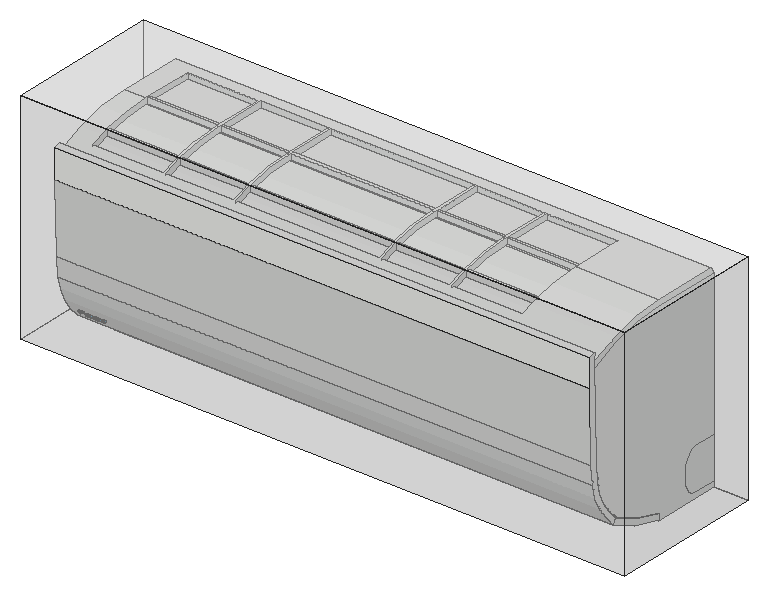
Revit family "outputfile", category 機械設備, Revit 2024
Family settings
  丸型コネクタ寸法 = 半径を使用
  パーツ タイプ = 標準
  OmniClass 番号 = 23.75.10.24.21.27.27
  OmniClass タイトル = Split System Air Conditioning Units
  作業面ベース = いいえ
  常に垂直 = はい
  ロード時にボイドで切り取り = いいえ
  注釈の向きを維持 = いいえ
  共有 = いいえ
  部屋計算ポイント = いいえ
Parameters (values of type "CTKM25RVMV")
  Description = ""
  書き出し IFC クラス(タイプ) = "IfcUnitaryEquipmentType"
  定義済み IFC タイプ(タイプ) = "AIRCONDITIONINGUNIT"
  Cost = 0
  Type Comments = ""
  Keynote = ""
  Type Image = (empty or 0)
  Assembly Code = ""
  w_wall hole = if(Width = 770.0 mm, 48.0 mm, 60.0 mm)  # 48.0 mm
  製造元 = "Daikin"
  モデル = "CTKM25RVMV"
  switch_frequency = yes
  r_Liquid Pipe Size = Liquid Pipe Size / 2  # 3.2 mm
  r_Gas Pipe Size = Gas Pipe Size / 2  # 4.75 mm
  r_Drain Pipe Size = Drain Pipe Size / 2  # 8.0 mm
  lw_powersupply [instance] = if(Width = 770.0 mm, if(or(Rear Right Connection_refrigerant, Bottom Right Connection_refrigerant), 25.0 mm, if(or(Rear Left Connection_refrigerant, Bottom Left Connection_refrigerant), 745.0 mm, 400.0 mm)), if(Width = 990.0 mm, if(or(Rear Right Connection_refrigerant, Bottom Right Connection_refrigerant), 40.0 mm, if(or(Rear Left Connection_refrigerant, Bottom Left Connection_refrigerant), 920.0 mm, 400.0 mm)), if(or(Rear Right Connection_refrigerant, Bottom Right Connection_refrigerant), 40.0 mm, if(or(Rear Left Connection_refrigerant, Bottom Left Connection_refrigerant), 920.0 mm, 400.0 mm))))  # 400.0 mm
  lw_liquidpipe [instance] = if(Width = 770.0 mm, if(or(Rear Right Connection_refrigerant, Bottom Right Connection_refrigerant), 0.0 mm, if(or(Rear Left Connection_refrigerant, Bottom Left Connection_refrigerant), 664.0 mm, 385.0 mm)), if(Width = 990.0 mm, if(or(Rear Right Connection_refrigerant, Bottom Right Connection_refrigerant), 0.0 mm, if(or(Rear Left Connection_refrigerant, Bottom Left Connection_refrigerant), 664.0 mm + (990.0 mm - 770.0 mm), 475.0 mm)), if(or(Rear Right Connection_refrigerant, Bottom Right Connection_refrigerant), 0.0 mm, if(or(Rear Left Connection_refrigerant, Bottom Left Connection_refrigerant), 664.0 mm + (990.0 mm - 770.0 mm), 475.0 mm))))  # 385.0 mm
  lw_gaspipe [instance] = if(Width = 770.0 mm, if(or(Rear Right Connection_refrigerant, Bottom Right Connection_refrigerant), 0.0 mm, if(or(Rear Left Connection_refrigerant, Bottom Left Connection_refrigerant), 675.0 mm, if(Gas Pipe Size = 12.7 mm, 345.0 mm, 335.0 mm))), if(Width = 990.0 mm, if(or(Rear Right Connection_refrigerant, Bottom Right Connection_refrigerant), 10.0 mm, if(or(Rear Left Connection_refrigerant, Bottom Left Connection_refrigerant), 890.0 mm, if(Gas Pipe Size = 15.9 mm, 410.0 mm, 400.0 mm))), if(or(Rear Right Connection_refrigerant, Bottom Right Connection_refrigerant), 10.0 mm, if(or(Rear Left Connection_refrigerant, Bottom Left Connection_refrigerant), 890.0 mm, if(Gas Pipe Size = 15.9 mm, 410.0 mm, 400.0 mm)))))  # 335.0 mm
  lw_drainpipe [instance] = if(Width = 770.0 mm, if(or(Rear Right Connection_refrigerant, Bottom Right Connection_refrigerant), 0.0 mm, if(or(Rear Left Connection_refrigerant, Bottom Left Connection_refrigerant), 770.0 mm - 48.0 mm - 48.0 mm, 440.0 mm)), if(Width = 990.0 mm, if(or(Rear Right Connection_refrigerant, Bottom Right Connection_refrigerant), 0.0 mm, if(or(Rear Left Connection_refrigerant, Bottom Left Connection_refrigerant), 675.0 mm + (990.0 mm - 770.0 mm), 435.0 mm)), if(or(Rear Right Connection_refrigerant, Bottom Right Connection_refrigerant), 0.0 mm, if(or(Rear Left Connection_refrigerant, Bottom Left Connection_refrigerant), 675.0 mm + (990.0 mm - 770.0 mm), 435.0 mm))))  # 440.0 mm
  l_powersupply_length [instance] = if(Width = 770.0 mm, if(Right Connection_refrigerant, 400.0 mm, if(Left Connection_refrigerant, 770.0 mm - 400.0 mm, if(or(Rear Left Connection_refrigerant, Rear Right Connection_refrigerant), 15.0 mm, 50.0 mm))), if(Width = 990.0 mm, if(Right Connection_refrigerant, 400.0 mm, if(Left Connection_refrigerant, 990.0 mm - 400.0 mm, if(or(Rear Left Connection_refrigerant, Rear Right Connection_refrigerant), 15.0 mm, 50.0 mm))), if(Right Connection_refrigerant, 400.0 mm, if(Left Connection_refrigerant, 990.0 mm - 400.0 mm, if(or(Rear Left Connection_refrigerant, Rear Right Connection_refrigerant), 15.0 mm, 50.0 mm)))))  # 400.0 mm
  l_liquidpipe_length [instance] = if(Width = 770.0 mm, if(Right Connection_refrigerant, 433.0 mm, if(Left Connection_refrigerant, 337.0 mm, if(or(Rear Left Connection_refrigerant, Rear Right Connection_refrigerant), 30.0 mm, 40.0 mm))), if(Width = 990.0 mm, if(Right Connection_refrigerant, 535.0 mm, if(Left Connection_refrigerant, 455.0 mm, if(or(Rear Left Connection_refrigerant, Rear Right Connection_refrigerant), 30.0 mm, 40.0 mm))), if(Right Connection_refrigerant, 535.0 mm, if(Left Connection_refrigerant, 455.0 mm, if(or(Rear Left Connection_refrigerant, Rear Right Connection_refrigerant), 30.0 mm, 40.0 mm)))))  # 433.0 mm
  l_gaspipe_length [instance] = if(Width = 770.0 mm, if(Right Connection_refrigerant, if(Gas Pipe Size = 12.7 mm, 393.0 mm, 383.0 mm), if(Left Connection_refrigerant, if(Gas Pipe Size = 12.7 mm, 770.0 mm - 393.0 mm, 770.0 mm - 383.0 mm), if(or(Rear Left Connection_refrigerant, Rear Right Connection_refrigerant), 40.0 mm, 50.0 mm))), if(Width = 990.0 mm, if(Right Connection_refrigerant, if(Gas Pipe Size = 15.9 mm, 470.0 mm, 460.0 mm), if(Left Connection_refrigerant, if(Gas Pipe Size = 15.9 mm, 990.0 mm - 470.0 mm, 990.0 mm - 460.0 mm), if(or(Rear Left Connection_refrigerant, Rear Right Connection_refrigerant), 40.0 mm, 50.0 mm))), if(Right Connection_refrigerant, if(Gas Pipe Size = 15.9 mm, 470.0 mm, 460.0 mm), if(Left Connection_refrigerant, if(Gas Pipe Size = 15.9 mm, 990.0 mm - 470.0 mm, 990.0 mm - 460.0 mm), if(or(Rear Left Connection_refrigerant, Rear Right Connection_refrigerant), 40.0 mm, 50.0 mm)))))  # 383.0 mm
  l_drainpipe_length [instance] = if(Width = 770.0 mm, if(Right Connection_refrigerant, 488.0 mm, if(Left Connection_refrigerant, 282.0 mm, if(or(Rear Left Connection_refrigerant, Rear Right Connection_refrigerant), 15.0 mm, 20.0 mm))), if(Width = 990.0 mm, if(Right Connection_refrigerant, 495.0 mm, if(Left Connection_refrigerant, 495.0 mm, if(or(Rear Left Connection_refrigerant, Rear Right Connection_refrigerant), 15.0 mm, 20.0 mm))), if(Right Connection_refrigerant, 495.0 mm, if(Left Connection_refrigerant, 495.0 mm, if(or(Rear Left Connection_refrigerant, Rear Right Connection_refrigerant), 15.0 mm, 20.0 mm)))))  # 488.0 mm
  h*** = 0.0 mm  # constant formula
  connector_voltage = Voltage_50Hz  # 230 V
  connector_powerinput = [Power Input (Cooling)]  # 0.000 kW
  connector_phase = Phase_50Hz  # 1
  angle_vertical [instance] = if(or(Bottom Left Connection_refrigerant, Bottom Right Connection_refrigerant), 0.00°, 90.00°)  # 90.00°
  angle_horizontal [instance] = if(Right Connection_refrigerant, 90.00°, if(Left Connection_refrigerant, -90.00°, if(or(Rear Left Connection_refrigerant, Rear Right Connection_refrigerant), 180.00°, 0.00°)))  # 90.00°
  Width = 770.0 mm
  Voltage_comment_50Hz = "220 - 240"
  Voltage_50Hz = 230 V
  Version = "ver.1.0"
  Unit Type = "Wall Mounted"
  Unit Mass Weight = 8.00 kg
  Unit Designation [instance] = ""
  Uniclass2015Version = "Products v1.30"
  Uniclass2015Title = "Split coil room air conditioning units"
  Uniclass2015Code = "Pr_70_65_03_86"
  URL = ""
  Total Cooling Capacity [instance] = 0.000 kW
  Sound Pressure Level_M speed (dBA) = 32
  Sound Pressure Level_L speed (dBA) = 25
  Sound Pressure Level_H speed (dBA) = 40
  Sound Power Level_H speed (dB) = 0
  Series = "Multi Split_Fan Coil Unit"
  Sensible Cooling Capacity [instance] = 0.000 kW
  Refrigerant Type = "R32"
  Power Input (Cooling) = 0.000 kW
  Phase_50Hz = 1
  Option Accessory 3 [instance] = ""
  Option Accessory 2 [instance] = ""
  Option Accessory 1 [instance] = ""
  Nominal Cooling Capacity = 2.500 kW
  Minimum Circuit Amps_50Hz = 0.0 A
  Minimum Airflow = 324.00 m³/h
  Median Airflow = 480.00 m³/h
  Maximum Fuse Amps_50Hz = 0.0 A
  Maximum Airflow = 642.00 m³/h
  Material_Casing = DAIKIN_White_Casing_indoorunit
  Load Classification = HVAC
  Liquid Pipe Size = 6.4 mm
  Link_Nested Family [instance] = ""
  IfcVersion = ""
  IfcExportType = "AIRCONDITIONINGUNIT"
  IfcExportAs = "IfcUnitaryEquipmentType"
  Height = 285.0 mm
  Heat Exchanger Type = "Cross Fin Coil"
  Gas Pipe Size = 9.5 mm
  Frequency_50Hz = 50 Hz
  Fan Type = "Cross Flow Fan"
  Fan Drive = "Direct Drive"
  FCU Tag No. [instance] = ""
  Drain Pipe Size = 16.0 mm
  Design Supply Airflow [instance] = 0.00 m³/h
  Depth = 223.0 mm
  既定の高さ = 0.0 mm
  Cooling Entering Wet Bulb Temperature [instance] = 0.00 °C
  Cooling Entering Dry Bulb Temperature [instance] = 0.00 °C
  Cooling Ambient Wet Bulb Temperature [instance] = 0.00 °C
  Cooling Ambient Dry Bulb Temperature [instance] = 0.00 °C
  Clearance visibility [instance] = yes
  Clearance Top = 30.0 mm
  Clearance Right = 50.0 mm
  Clearance Rear = 0.0 mm
  Clearance Left = 50.0 mm
  Clearance Front = 0.0 mm
  Clearance Bottom = 0.0 mm
  Bottom Right Connection_refrigerant [instance] = no
  Bottom Left Connection_refrigerant [instance] = no
  Rear Right Connection_refrigerant [instance] = no
  Rear Left Connection_refrigerant [instance] = no
  Right Connection_refrigerant [instance] = yes
  Left Connection_refrigerant [instance] = no
Reference planes
  plane 1 "Back": y = 0
  plane 2: z = 0
  plane 3 "Center (Left/Right)": x = 0
  plane 4 "Center (Front/Back)": y = -111.5
  plane 5 "Front": y = -223
  plane 6 "Left": x = -385
  plane 7 "Right": x = 385
  plane 8 "Top": z = 0
  plane 9 "Bottom": z = -285
  plane 10: x = -435
  plane 11: x = 435
  plane 12: y = 0
  plane 13: y = -223
  plane 14: z = 30
  plane 15: z = -285
  plane 16 "lw_Piping and Wiring intake": x = 337
  plane 17 "lw_gaspipe": x = 2
  plane 18 "lw_liquidpipe": x = -48
  plane 19 "lw_drainpipe": x = -103
  plane 20 "lh_drainpipe": z = -265
  plane 21 "lh_liquidpipe": z = -245
  plane 22 "lh_gaspipe": z = -235
  plane 23 "ld_drainpipe": y = -15
  plane 24 "ld_liquidpipe": y = -30
  plane 25 "ld_gaspipe": y = -40
  plane 26 "lw_powersupply": x = -15
Dimensions and locks
  equal spacing: plane 6 "Left", plane 3 "Center (Left/Right)", plane 7 "Right"
  "Width": plane 6 "Left" to plane 7 "Right"
  equal spacing: plane 5 "Front", plane 4 "Center (Front/Back)", plane 1 "Back"
  "Depth": plane 5 "Front" to plane 1 "Back"
  "Height": plane 8 "Top" to plane 9 "Bottom"
  "Clearance Rear": plane 12 to plane 1 "Back"
  "Clearance Front": plane 13 to plane 5 "Front"
  "Clearance Top": plane 14 to plane 8 "Top"
  "Clearance Bottom": plane 9 "Bottom" to plane 15
  "w_wall hole": plane 16 "lw_Piping and Wiring intake" to plane 7 "Right"
  "lw_gaspipe": plane 17 "lw_gaspipe" to plane 16 "lw_Piping and Wiring intake"
  "lw_liquidpipe": plane 18 "lw_liquidpipe" to plane 16 "lw_Piping and Wiring intake"
  "lw_drainpipe": plane 19 "lw_drainpipe" to plane 16 "lw_Piping and Wiring intake"
  locked: plane 20 "lh_drainpipe" to plane 9 "Bottom" at 20
  locked: plane 21 "lh_liquidpipe" to plane 9 "Bottom" at 40
  locked: plane 22 "lh_gaspipe" to plane 9 "Bottom" at 50
  locked: plane 23 "ld_drainpipe" to plane 1 "Back" at 15
  locked: plane 1 "Back" to plane 24 "ld_liquidpipe" at 30
  locked: plane 1 "Back" to plane 25 "ld_gaspipe" at 40
  "lw_powersupply": plane 26 "lw_powersupply" to plane 7 "Right"
  "Clearance Left": plane 10 to plane 6 "Left"
  "Clearance Right": plane 7 "Right" to plane 11
  aligned and locked: level to plane 2
  aligned and locked: plane 12 to nested 1
  aligned and locked: nested 1 to plane 13
  aligned and locked: plane 10 to nested 1
  aligned and locked: plane 11 to nested 1
  aligned and locked: plane 15 to nested 1
  aligned and locked: plane 14 to nested 1
  aligned and locked: plane 17 "lw_gaspipe" to nested 2
  aligned and locked: nested 2 to plane 25 "ld_gaspipe"
  aligned and locked: plane 18 "lw_liquidpipe" to nested 3
  aligned and locked: nested 3 to plane 24 "ld_liquidpipe"
  aligned and locked: plane 19 "lw_drainpipe" to nested 4
  aligned and locked: nested 4 to plane 23 "ld_drainpipe"
  aligned and locked: nested 5 to plane 23 "ld_drainpipe"
  aligned and locked: plane 26 "lw_powersupply" to nested 5
  aligned and locked: level to plane 8 "Top"
  aligned and locked: plane 3 "Center (Left/Right)" to nested 6
  aligned and locked: plane 1 "Back" to nested 6
  aligned and locked: plane 8 "Top" to nested 6
Nested families
  nested 1: "daikin_clearancespace" at (0, -111.5, -127.381), show <- "Clearance visibility", visible <- "Clearance visibility", Link_Nested Family <- "Link_Nested Family", type "daikin_clearancespace"
    with width 870.0 mm, show yes, height 315.0 mm, depth 223.0 mm, Link_Nested Family ""
  nested 2: "daikin_connector_rotate3" at (2, -40, -235), angle_vertical <- "angle_vertical", angle_horizontal <- "angle_horizontal", length <- "l_gaspipe_length", radius <- "r_Gas Pipe Size", type "daikin_connector_rotate3"
    with show no, radius 4.75 mm, length 383.0 mm, angle_vertical 90.00°, angle_horizontal 90.00°
  nested 3: "daikin_connector_rotate3" at (-48, -30, -245), angle_vertical <- "angle_vertical", angle_horizontal <- "angle_horizontal", radius <- "r_Liquid Pipe Size", length <- "l_liquidpipe_length", type "daikin_connector_rotate3"
    with show no, radius 3.2 mm, length 433.0 mm, angle_vertical 90.00°, angle_horizontal 90.00°
  nested 4: "daikin_connector_rotate3" at (-103, -15, -265), angle_vertical <- "angle_vertical", angle_horizontal <- "angle_horizontal", length <- "l_drainpipe_length", radius <- "r_Drain Pipe Size", type "daikin_connector_rotate3"
    with show no, radius 8.0 mm, length 488.0 mm, angle_vertical 90.00°, angle_horizontal 90.00°
  nested 5: "daikin_connector_rotate3" at (-15, -15, -235), angle_vertical <- "angle_vertical", angle_horizontal <- "angle_horizontal", length <- "l_powersupply_length", type "daikin_connector_rotate3"
    with show no, radius 10.0 mm, length 400.0 mm, angle_vertical 90.00°, angle_horizontal 90.00°
  nested 6: "DAIKIN_indoorunit_CTKM-RVMV" at (-31, 0, 0), type "CTKM-RVMV"
Connectors
  piping at (385, -40, -235), diameter 9.5, driven by "r_Gas Pipe Size"
    settings: on nested 2, index 1, connector inside diameter 609.6 mm, connector length 0.0 mm, flow factor 0, pipe flow 0.00 m³/h, pressure drop 0.0 Pa, fitting loss kfactor 0, connector angle 0.00°, fixture units 0, engagement length 0.0 mm, angle of deflection 0.00°, flow configuration 1, flow direction 2, fitting loss method 0, system type 29, joint type 0, gender type 0, connector reference index -1, connector utility 0, adjustable connector no, is connector primary yes, connector description "Refrigerant Gas Piping"
  piping at (385, -30, -245), diameter 6.4, driven by "r_Liquid Pipe Size"
    settings: on nested 3, index 2, connector inside diameter 609.6 mm, connector length 0.0 mm, flow factor 0, pipe flow 0.00 m³/h, pressure drop 0.0 Pa, fitting loss kfactor 0, connector angle 0.00°, fixture units 0, engagement length 0.0 mm, angle of deflection 0.00°, flow configuration 1, flow direction 1, fitting loss method 0, system type 29, joint type 0, gender type 0, connector reference index -1, connector utility 0, adjustable connector no, is connector primary no, connector description "Refrigerant Liquid Piping"
  piping at (385, -15, -265), diameter 16, driven by "r_Drain Pipe Size"
    settings: on nested 4, index 3, connector inside diameter 609.6 mm, connector length 0.0 mm, flow factor 0, pipe flow 0.00 m³/h, pressure drop 0.0 Pa, fitting loss kfactor 0, connector angle 0.00°, fixture units 0, engagement length 0.0 mm, angle of deflection 0.00°, flow configuration 1, flow direction 2, fitting loss method 4, system type 16, joint type 0, gender type 0, connector reference index -1, connector utility 0, adjustable connector no, is connector primary no, connector description "Condensate Drain Piping"
  electrical at (385, -15, -235), driven by "Load Classification", driven by "connector_phase", driven by "connector_powerinput", driven by "connector_voltage"
    settings: on nested 5, index 4, voltage 230 V, apparent load 0 VA, apparent load phase1 0 VA, apparent load phase2 0 VA, apparent load phase3 0 VA, power factor 1, load classification "HVAC", number of poles 1, system type 30, power factor state 1, is connector primary yes, connector utility no, sub classification motor no, connector description "Power Supply"
Definition of nested family "daikin_clearancespace"
  Parameters (values of type "daikin_clearancespace")
    Description = "daikin_clearancespace"
    width [instance] = 1823.963 mm
    show [instance] = yes
    material = none
    height [instance] = 1359.762 mm
    depth [instance] = 880.0 mm
    Default Elevation = 0.0 mm
    Link_Nested Family [instance] = ""
  Reference planes
    plane 1 "Center (Front/Back)": y = 0
    plane 2 "Center (Elevation)": z = -0.119
    plane 3 "Center (Left/Right)": x = 0
    plane 4: y = 440
    plane 5: y = -440
    plane 6 "Right": x = 911.982
    plane 7 "Left": x = -911.982
    plane 8 "Top": z = 679.762
    plane 9 "Bottom": z = -680
  Forms (mm)
    Extrusion 1, solid, material <- "material", visible <- "show"
      sketch origin (0, 0, 0) x (1, 0, 0) y (0, 1, 0)
        loop
          line (-911.982, 440) -> (-911.982, -440) -> (911.982, -440) -> (911.982, 440) -> (-911.982, 440)
      from -680 to 679.762
  Lines and regions (mm)
    symbolic lines, visible <- "show"
      curve 1: line (911.982, 440, 0) -> (-911.982, 440, 0)
      curve 2: line (-911.982, 440, 0) -> (-911.982, -440, 0)
      curve 3: line (-911.982, -440, 0) -> (911.982, -440, 0)
      curve 4: line (911.982, -440, 0) -> (911.982, 440, 0)
      curve 5: line (911.982, 0, 679.762) -> (-911.982, 0, 679.762)
      curve 6: line (911.982, 0, -680) -> (911.982, 0, 679.762)
      curve 7: line (-911.982, 0, -680) -> (911.982, 0, -680)
      curve 8: line (-911.982, 0, 679.762) -> (-911.982, 0, -680)
      curve 9: line (0, 440, 679.762) -> (0, -440, 679.762)
      curve 10: line (0, -440, 679.762) -> (0, -440, -680)
      curve 11: line (0, 440, -680) -> (0, 440, 679.762)
      curve 12: line (0, -440, -680) -> (0, 440, -680)
  Dimensions and locks
    "width": plane 7 "Left" to plane 6 "Right"
    "depth": plane 4 to plane 5
    "height": plane 8 "Top" to plane 9 "Bottom"
    equal spacing: plane 7 "Left", plane 3 "Center (Left/Right)", plane 6 "Right"
    equal spacing: plane 4, plane 1 "Center (Front/Back)", plane 5
    equal spacing: plane 8 "Top", plane 2 "Center (Elevation)", plane 9 "Bottom"
    aligned and locked: level to plane 2 "Center (Elevation)"
    aligned and locked: Extrusion 1 sketch curve to plane 4
    aligned and locked: plane 7 "Left" to Extrusion 1 sketch curve
    aligned and locked: Extrusion 1 sketch curve to plane 5
    aligned and locked: Extrusion 1 sketch curve to plane 6 "Right"
    aligned and locked: plane 8 "Top" to Extrusion 1
    aligned and locked: curve 1 to Extrusion 1
    aligned and locked: curve 2 to Extrusion 1
    aligned and locked: curve 3 to Extrusion 1
    aligned and locked: curve 4 to Extrusion 1
    aligned and locked: curve 5 to Extrusion 1
    aligned and locked: curve 6 to Extrusion 1
    aligned and locked: curve 7 to Extrusion 1
    aligned and locked: curve 8 to Extrusion 1
    aligned and locked: curve 9 to Extrusion 1
    aligned and locked: curve 10 to Extrusion 1
    aligned and locked: curve 11 to Extrusion 1
    aligned and locked: curve 12 to Extrusion 1
    aligned and locked: Extrusion 1 to plane 9 "Bottom"
Definition of nested family "DAIKIN_indoorunit_CTKM-RVMV"
  Parameters (values of type "CTKM-RVMV")
    switch_unit1_50-71 = Width = 990.0 mm  # no
    switch_unit1_25-35 = Width = 770.0 mm  # yes
    Width = 770.0 mm
    WALL HOLE-R = if(Width = 770.0 mm, 48.0 mm, 60.0 mm)  # 48.0 mm
    WALL HOLE Size = if(Width = 770.0 mm, 65.0 mm, 80.0 mm)  # 65.0 mm
    Material_Casing = none
    Height = if(Width = 770.0 mm, 285.0 mm, 295.0 mm)  # 285.0 mm
    Default Elevation = 0.0 mm
  Reference planes
    plane 1 "Center (Front/Back)": y = 0
    plane 2 "reference_level": z = 0
    plane 3 "Center (Left/Right)": x = 31
    plane 4: x = -354
    plane 5: x = 416
    plane 6: z = -285
  Forms (mm)
    Extrusion 1, solid, material <- "Material_Casing", visible <- "switch_unit1_25-35"
      sketch origin (29, 0, 0) x (0, 1, 0) y (0, 0, 1)
        loop
          line (-5, 0) -> (-98, 0)
          arc (-98, 0) -> (-157.611, -7.211) -> (-213.783, -28.427) r 250
          arc (-213.783, -28.427) -> (-213.842, -32.972) -> (-213.892, -37.516) r 2191
          arc (-213.892, -37.516) -> (-157.832, -15.495) -> (-98.07, -8) r 242
          line (-98.07, -8) -> (0, -8) -> (-5, 0)
      from -383 to 387
    Extrusion 2, solid, material <- "Material_Casing", visible <- "switch_unit1_25-35"
      sketch origin (416, 1296.25, 1200) x (0, 1, 0) y (0, 0, 1)
        loop
          line (-1472.998, -1446.91) -> (-1476.998, -1453.839)
          arc (-1476.998, -1453.839) -> (-1437.481, -1472.422) -> (-1395.25, -1483.538) r 240
          line (-1395.25, -1483.538) -> (-1395.25, -1475.422)
          arc (-1395.25, -1475.422) -> (-1435.407, -1464.663) -> (-1472.998, -1446.91) r 232
      from 0 to -47.5
    Extrusion 3, solid, material <- "Material_Casing", visible <- "switch_unit1_25-35"
      sketch origin (29, 0, 0) x (0, 1, 0) y (0, 0, 1)
        loop
          arc (-223, -60.455) -> (-222.414, -110.646) -> (-220.656, -160.81) r 2149.92
          arc (-220.656, -160.81) -> (-219.65, -174.299) -> (-217.853, -187.706) r 229.911
          arc (-217.853, -187.706) -> (-205.371, -223.594) -> (-181.517, -253.17) r 111
          line (-181.517, -253.17) -> (-177.429, -246.093)
          arc (-177.429, -246.093) -> (-198.77, -218.989) -> (-209.965, -186.36) r 103
          arc (-209.965, -186.36) -> (-211.681, -173.586) -> (-212.651, -160.735) r 221.844
          arc (-212.651, -160.735) -> (-214.739, -93.233) -> (-214.74, -25.699) r 2186.828
          arc (-214.74, -25.699) -> (-214.671, -21.467) -> (-214.594, -17.235) r 2192
          line (-214.594, -17.235) -> (-223, -19.961) -> (-223, -60.455)
      from -383 to 387
    Extrusion 4, solid, material <- "Material_Casing", visible <- "switch_unit1_25-35"
      sketch origin (29, 0, -20) x (0, 1, 0) y (0, 0, 1)
        loop
          line (0, -265) -> (0, 12) -> (-98.07, 12)
          arc (-98.07, 12) -> (-157.832, 4.505) -> (-213.892, -17.516) r 242
          arc (-213.892, -17.516) -> (-213.638, -79.114) -> (-211.653, -140.681) r 2191
          arc (-211.653, -140.681) -> (-210.685, -153.501) -> (-208.973, -166.243) r 221
          arc (-208.973, -166.243) -> (-197.471, -199.282) -> (-175.482, -226.491) r 102
          arc (-175.482, -226.491) -> (-138.004, -244.019) -> (-98, -254.579) r 231
          line (-98, -254.579) -> (-98, -265) -> (0, -265)
      from -383 to 387
    Extrusion 5, solid, material <- "Material_Casing", visible <- "switch_unit1_25-35"
      sketch origin (-354, 1296.25, 1200) x (0, 1, 0) y (0, 0, 1)
        loop
          line (-1472.998, -1446.91) -> (-1476.998, -1453.839)
          arc (-1476.998, -1453.839) -> (-1437.481, -1472.422) -> (-1395.25, -1483.538) r 240
          line (-1395.25, -1483.538) -> (-1395.25, -1475.422)
          arc (-1395.25, -1475.422) -> (-1435.407, -1464.663) -> (-1472.998, -1446.91) r 232
      from 47 to 0
    Extrusion 6, solid, material <- "Material_Casing", visible <- "switch_unit1_25-35"
      sketch origin (416, 1296.25, 1200) x (0, 1, 0) y (0, 0, 1)
        loop
          line (-1472.998, -1446.91) -> (-1476.998, -1453.839)
          arc (-1476.998, -1453.839) -> (-1443.437, -1470.168) -> (-1407.75, -1481.097) r 240
          line (-1407.75, -1481.097) -> (-1407.75, -1472.894)
          arc (-1407.75, -1472.894) -> (-1441.363, -1462.385) -> (-1472.998, -1446.91) r 232
      from -116.993 to -48.493
    Extrusion 7, solid, material <- "Material_Casing", visible <- "switch_unit1_25-35"
      sketch origin (416, 1296.25, 1200) x (0, 1, 0) y (0, 0, 1)
        loop
          line (-1472.998, -1446.91) -> (-1476.998, -1453.839)
          arc (-1476.998, -1453.839) -> (-1443.437, -1470.168) -> (-1407.75, -1481.097) r 240
          line (-1407.75, -1481.097) -> (-1407.75, -1472.894)
          arc (-1407.75, -1472.894) -> (-1441.363, -1462.385) -> (-1472.998, -1446.91) r 232
      from -717 to -121.993
    Extrusion 8, void
      sketch origin (31, 0, -235) x (1, 0, 0) y (0, 1, 0)
        loop
          line (-252.674, -22.316) -> (-354.941, -22.316) -> (-354.941, -91.341) -> (-252.674, -91.341) -> (-252.674, -22.316)
        loop
          line (-249.341, -91.341) -> (-151.574, -91.341) -> (-151.574, -22.316) -> (-249.341, -22.316) -> (-249.341, -91.341)
        loop
          line (58.309, -22.316) -> (-148.309, -22.316) -> (-148.309, -91.341) -> (58.309, -91.341) -> (58.309, -22.316)
        loop
          line (61.689, -22.316) -> (61.689, -91.341) -> (159.457, -91.341) -> (159.457, -22.316) -> (61.689, -22.316)
        loop
          line (162.789, -22.316) -> (162.789, -91.341) -> (265.057, -91.341) -> (265.057, -22.316) -> (162.789, -22.316)
        loop
          line (-354.941, -94.659) -> (-354.941, -165.259) -> (-252.674, -165.259) -> (-252.674, -94.659) -> (-354.941, -94.659)
        loop
          line (-249.341, -94.659) -> (-249.341, -165.259) -> (-151.574, -165.259) -> (-151.574, -94.659) -> (-249.341, -94.659)
        loop
          line (-148.309, -94.659) -> (-148.309, -165.259) -> (58.309, -165.259) -> (58.309, -94.659) -> (-148.309, -94.659)
        loop
          line (61.689, -94.659) -> (61.689, -165.259) -> (159.457, -165.259) -> (159.457, -94.659) -> (61.689, -94.659)
        loop
          line (162.789, -94.659) -> (162.789, -165.259) -> (265.057, -165.259) -> (265.057, -94.659) -> (162.789, -94.659)
        loop
          line (-354.941, -167.382) -> (-354.941, -192.681) -> (-252.674, -192.681) -> (-252.674, -167.382) -> (-354.941, -167.382)
        loop
          line (-249.341, -167.382) -> (-249.341, -192.681) -> (-151.574, -192.681) -> (-151.574, -167.382) -> (-249.341, -167.382)
        loop
          line (-148.309, -167.382) -> (-148.309, -192.681) -> (58.309, -192.681) -> (58.309, -167.382) -> (-148.309, -167.382)
        loop
          line (159.457, -167.382) -> (61.689, -167.382) -> (61.689, -192.681) -> (159.457, -192.681) -> (159.457, -167.382)
        loop
          line (265.057, -167.382) -> (162.789, -167.382) -> (162.789, -192.681) -> (265.057, -192.681) -> (265.057, -167.382)
      from 201.638 to 250
    Extrusion 9, solid, material <- "Material_Casing"
      sketch origin (31, 0, 0) x (1, 0, 0) y (0, 0, 1)
        loop
          circle (337, -240.5) r 32.5
        loop
          circle (-337, -240.5) r 32.5
      from 0 to 5
    Extrusion 10, solid, material <- "Material_Casing", visible <- "switch_unit1_25-35"
      sketch origin (416, 1296.25, 1200) x (0, -1, 0) y (0, 0, 1)
        loop
          line (1326.25, -1417) -> (1296.25, -1417) -> (1296.25, -1477) -> (1326.25, -1477)
          arc (1326.25, -1477) -> (1340.393, -1471.142) -> (1346.25, -1457) r 20
          line (1346.25, -1457) -> (1346.25, -1437)
          arc (1346.25, -1437) -> (1340.393, -1422.858) -> (1326.25, -1417) r 20
      from 0 to 5
    Extrusion 11, solid, material <- "Material_Casing", visible <- "switch_unit1_25-35"
      sketch origin (-354, 1296.25, 1200) x (0, 1, 0) y (0, 0, 1)
        loop
          line (-1296.25, -1417) -> (-1326.25, -1417)
          arc (-1326.25, -1417) -> (-1340.393, -1422.858) -> (-1346.25, -1437) r 20
          line (-1346.25, -1437) -> (-1346.25, -1457)
          arc (-1346.25, -1457) -> (-1340.393, -1471.142) -> (-1326.25, -1477) r 20
          line (-1326.25, -1477) -> (-1296.25, -1477) -> (-1296.25, -1417)
      from 0 to 5
    Extrusion 12, solid, material <- "Material_Casing", visible <- "switch_unit1_25-35"
      sketch origin (31, 0, -285) x (-1, 0, 0) y (0, -1, 0)
        loop
          line (-314, 0) -> (-314, 30)
          arc (-314, 30) -> (-319.858, 44.142) -> (-334, 50) r 20
          line (-334, 50) -> (-354, 50)
          arc (-354, 50) -> (-368.142, 44.142) -> (-374, 30) r 20
          line (-374, 30) -> (-374, 0) -> (-314, 0)
        loop
          line (374, 0) -> (374, 30)
          arc (374, 30) -> (368.142, 44.142) -> (354, 50) r 20
          line (354, 50) -> (334, 50)
          arc (334, 50) -> (319.858, 44.142) -> (314, 30) r 20
          line (314, 30) -> (314, 0) -> (374, 0)
      from 0 to 5
    Extrusion 13, solid, material <- "Material_Casing", visible <- "switch_unit1_50-71"
      sketch origin (31, 0, 0) x (0, 1, 0) y (0, 0, 1)
        loop
          line (-5, 0) -> (-138, 0)
          arc (-138, 0) -> (-197.611, -7.211) -> (-253.783, -28.427) r 250
          arc (-253.783, -28.427) -> (-253.838, -32.687) -> (-253.886, -36.946) r 2191
          arc (-253.886, -36.946) -> (-197.73, -15.346) -> (-138.014, -8) r 246.393
          line (-138.014, -8) -> (0, -8) -> (-5, 0)
      from -495 to 495
    Extrusion 14, solid, material <- "Material_Casing", visible <- "switch_unit1_50-71"
      sketch origin (418, 1296.25, 1200) x (0, 1, 0) y (0, 0, 1)
        loop
          arc (-1515.208, -1454.149) -> (-1506.856, -1460.599) -> (-1497.925, -1466.219) r 110
          arc (-1497.925, -1466.219) -> (-1445.718, -1487.493) -> (-1389.844, -1494.995) r 223
          line (-1389.844, -1494.995) -> (-1389.844, -1486.086) -> (-1404.386, -1486.086)
          arc (-1404.386, -1486.086) -> (-1449.542, -1477.46) -> (-1491.818, -1459.402) r 214.289
          arc (-1491.818, -1459.402) -> (-1501.056, -1453.541) -> (-1509.606, -1446.715) r 101
          line (-1509.606, -1446.715) -> (-1515.208, -1454.149)
      from 108 to 57.5
    Extrusion 15, solid, material <- "Material_Casing", visible <- "switch_unit1_50-71"
      sketch origin (31, 0, 0) x (0, 1, 0) y (0, 0, 1)
        loop
          line (-263, -19.962) -> (-263, -61.6)
          arc (-263, -61.6) -> (-262.414, -110.219) -> (-260.656, -158.81) r 2017.341
          arc (-260.656, -158.81) -> (-255.648, -191.935) -> (-244.041, -223.362) r 164.725
          arc (-244.041, -223.362) -> (-233.569, -239.793) -> (-219.717, -253.495) r 87.379
          line (-219.717, -253.495) -> (-214.706, -246.846)
          arc (-214.706, -246.846) -> (-229.564, -230.029) -> (-240.385, -210.371) r 102
          arc (-240.385, -210.371) -> (-249.049, -182.962) -> (-252.848, -154.467) r 165.789
          arc (-252.848, -154.467) -> (-254.771, -90.102) -> (-254.74, -25.708) r 2122.533
          arc (-254.74, -25.708) -> (-254.671, -21.469) -> (-254.594, -17.23) r 2192
          line (-254.594, -17.23) -> (-263, -19.962)
      from -495 to 495
    Extrusion 16, void
      sketch origin (33, 0, 0) x (1, 0, 0) y (0, 1, 0)
        loop
          line (-466.909, -22.316) -> (-466.909, -111.341) -> (-366.303, -111.341) -> (-366.303, -22.316) -> (-466.909, -22.316)
        loop
          line (-362.71, -22.316) -> (-362.71, -111.341) -> (-262.103, -111.341) -> (-262.103, -22.316) -> (-362.71, -22.316)
        loop
          line (-258.51, -22.316) -> (-258.51, -111.341) -> (-157.904, -111.341) -> (-157.904, -22.316) -> (-258.51, -22.316)
        loop
          line (-154.31, -22.316) -> (-154.31, -111.341) -> (-53.704, -111.341) -> (-53.704, -22.316) -> (-154.31, -22.316)
        loop
          line (-50.11, -22.316) -> (-50.11, -111.341) -> (50.496, -111.341) -> (50.496, -22.316) -> (-50.11, -22.316)
        loop
          line (54.089, -22.316) -> (54.089, -111.341) -> (154.696, -111.341) -> (154.696, -22.316) -> (54.089, -22.316)
        loop
          line (158.289, -22.316) -> (158.289, -111.341) -> (258.895, -111.341) -> (258.895, -22.316) -> (158.289, -22.316)
        loop
          line (262.489, -22.316) -> (262.489, -111.341) -> (363.095, -111.341) -> (363.095, -22.316) -> (262.489, -22.316)
        loop
          line (-466.909, -114.459) -> (-466.909, -185.059) -> (-366.303, -185.059) -> (-366.303, -114.459) -> (-466.909, -114.459)
        loop
          line (-362.71, -114.459) -> (-362.71, -185.059) -> (-262.103, -185.059) -> (-262.103, -114.459) -> (-362.71, -114.459)
        loop
          line (-258.51, -114.459) -> (-258.51, -185.059) -> (-157.904, -185.059) -> (-157.904, -114.459) -> (-258.51, -114.459)
        loop
          line (-154.31, -114.459) -> (-154.31, -185.059) -> (-53.704, -185.059) -> (-53.704, -114.459) -> (-154.31, -114.459)
        loop
          line (-50.11, -114.459) -> (-50.11, -185.059) -> (50.496, -185.059) -> (50.496, -114.459) -> (-50.11, -114.459)
        loop
          line (54.089, -114.459) -> (54.089, -185.059) -> (154.696, -185.059) -> (154.696, -114.459) -> (54.089, -114.459)
        loop
          line (158.289, -114.459) -> (158.289, -185.059) -> (258.895, -185.059) -> (258.895, -114.459) -> (158.289, -114.459)
        loop
          line (262.489, -114.459) -> (262.489, -185.059) -> (363.095, -185.059) -> (363.095, -114.459) -> (262.489, -114.459)
        loop
          line (-466.909, -187.382) -> (-466.909, -232.681) -> (-366.303, -232.681) -> (-366.303, -187.382) -> (-466.909, -187.382)
        loop
          line (-362.71, -187.382) -> (-362.71, -232.681) -> (-262.103, -232.681) -> (-262.103, -187.382) -> (-362.71, -187.382)
        loop
          line (-258.51, -187.382) -> (-258.51, -232.681) -> (-157.904, -232.681) -> (-157.904, -187.382) -> (-258.51, -187.382)
        loop
          line (-154.31, -187.382) -> (-154.31, -232.681) -> (-53.704, -232.681) -> (-53.704, -187.382) -> (-154.31, -187.382)
        loop
          line (-50.11, -187.382) -> (-50.11, -232.681) -> (50.496, -232.681) -> (50.496, -187.382) -> (-50.11, -187.382)
        loop
          line (54.089, -187.382) -> (54.089, -232.681) -> (154.696, -232.681) -> (154.696, -187.382) -> (54.089, -187.382)
        loop
          line (158.289, -187.382) -> (158.289, -232.681) -> (258.895, -232.681) -> (258.895, -187.382) -> (158.289, -187.382)
        loop
          line (262.489, -187.382) -> (262.489, -232.681) -> (363.095, -232.681) -> (363.095, -187.382) -> (262.489, -187.382)
      from -40.013 to 47.268
    Extrusion 17, solid, material <- "Material_Casing", visible <- "switch_unit1_50-71"
      sketch origin (-356, 1296.25, 1200) x (0, 1, 0) y (0, 0, -1)
        loop
          line (-1515.208, 1454.149) -> (-1509.606, 1446.715)
          arc (-1509.606, 1446.715) -> (-1501.056, 1453.541) -> (-1491.818, 1459.402) r 101
          arc (-1491.818, 1459.402) -> (-1449.542, 1477.46) -> (-1404.386, 1486.086) r 214.289
          line (-1404.386, 1486.086) -> (-1389.844, 1486.086) -> (-1389.844, 1494.995)
          arc (-1389.844, 1494.995) -> (-1445.718, 1487.493) -> (-1497.925, 1466.219) r 223
          arc (-1497.925, 1466.219) -> (-1506.856, 1460.599) -> (-1515.208, 1454.149) r 110
      from 108 to 61
    Extrusion 18, solid, material <- "Material_Casing", visible <- "switch_unit1_50-71"
      sketch origin (418, 1296.25, 1200) x (0, 1, 0) y (0, 0, 1)
        loop
          arc (-1515.208, -1454.149) -> (-1506.856, -1460.599) -> (-1497.925, -1466.219) r 110
          arc (-1497.925, -1466.219) -> (-1463.185, -1482.066) -> (-1426.25, -1491.755) r 223
          line (-1426.25, -1491.755) -> (-1426.25, -1483.166)
          arc (-1426.25, -1483.166) -> (-1460.008, -1473.969) -> (-1491.818, -1459.402) r 214.289
          arc (-1491.818, -1459.402) -> (-1501.056, -1453.541) -> (-1509.606, -1446.715) r 101
          line (-1509.606, -1446.715) -> (-1515.208, -1454.149)
      from 56.5 to -36.993
    Extrusion 19, solid, material <- "Material_Casing", visible <- "switch_unit1_50-71"
      sketch origin (418, 1296.25, 1200) x (0, 1, 0) y (0, 0, 1)
        loop
          arc (-1426.25, -1483.166) -> (-1443.442, -1479.224) -> (-1460.25, -1473.881) r 214.289
          line (-1460.25, -1473.881) -> (-1460.25, -1483.089)
          arc (-1460.25, -1483.089) -> (-1443.421, -1488.091) -> (-1426.25, -1491.755) r 223
          line (-1426.25, -1491.755) -> (-1426.25, -1483.166)
      from -43.493 to -828.893
    Extrusion 20, solid, material <- "Material_Casing", visible <- "switch_unit1_50-71"
      sketch origin (418, 1296.25, 1200) x (0, 1, 0) y (0, 0, 1)
        loop
          arc (-1515.208, -1454.149) -> (-1506.856, -1460.599) -> (-1497.925, -1466.219) r 110
          arc (-1497.925, -1466.219) -> (-1479.479, -1475.527) -> (-1460.25, -1483.089) r 223
          line (-1460.25, -1483.089) -> (-1460.25, -1473.881)
          arc (-1460.25, -1473.881) -> (-1476.328, -1467.282) -> (-1491.818, -1459.402) r 214.289
          arc (-1491.818, -1459.402) -> (-1501.056, -1453.541) -> (-1509.606, -1446.715) r 101
          line (-1509.606, -1446.715) -> (-1515.208, -1454.149)
      from -43.493 to -828.893
    Extrusion 21, solid, material <- "Material_Casing", visible <- "switch_unit1_50-71"
      sketch origin (31, 0, -30) x (0, 1, 0) y (0, 0, 1)
        loop
          line (0, 22) -> (-138.014, 22)
          arc (-138.014, 22) -> (-197.73, 14.654) -> (-253.886, -6.946) r 246.393
          arc (-253.886, -6.946) -> (-253.682, -65.635) -> (-251.855, -124.295) r 2120.935
          arc (-251.855, -124.295) -> (-248.086, -152.682) -> (-239.461, -179.988) r 164.789
          arc (-239.461, -179.988) -> (-228.903, -199.231) -> (-214.437, -215.738) r 101
          line (-214.437, -215.738) -> (-212.406, -216.221)
          arc (-212.406, -216.221) -> (-204.07, -222.837) -> (-195.079, -228.53) r 100
          arc (-195.079, -228.53) -> (-145.557, -248.629) -> (-92.593, -255.785) r 213.289
          line (-92.593, -255.785) -> (-92.593, -265) -> (0, -265) -> (0, 22)
      from -495 to 495
    Extrusion 22, solid, material <- "Material_Casing", visible <- "switch_unit1_50-71"
      sketch origin (526, 1296.25, 1200) x (0, -1, 0) y (0, 0, 1)
        loop
          line (1326.25, -1427.035) -> (1296.25, -1427.035) -> (1296.25, -1487.035) -> (1326.25, -1487.035)
          arc (1326.25, -1487.035) -> (1340.393, -1481.177) -> (1346.25, -1467.035) r 20
          line (1346.25, -1467.035) -> (1346.25, -1447.035)
          arc (1346.25, -1447.035) -> (1340.393, -1432.892) -> (1326.25, -1427.035) r 20
      from 0 to 5
    Extrusion 23, solid, material <- "Material_Casing", visible <- "switch_unit1_50-71"
      sketch origin (-459, 1296.25, 1200) x (0, -1, 0) y (0, 0, 1)
        loop
          line (1326.25, -1427.035) -> (1296.25, -1427.035) -> (1296.25, -1487.035) -> (1326.25, -1487.035)
          arc (1326.25, -1487.035) -> (1340.393, -1481.177) -> (1346.25, -1467.035) r 20
          line (1346.25, -1467.035) -> (1346.25, -1447.035)
          arc (1346.25, -1447.035) -> (1340.393, -1432.892) -> (1326.25, -1427.035) r 20
      from 0 to 5
    Extrusion 24, solid, material <- "Material_Casing", visible <- "switch_unit1_50-71"
      sketch origin (31, 200, -295) x (-1, 0, 0) y (0, -1, 0)
        loop
          line (469, 200) -> (469, 230)
          arc (469, 230) -> (463.142, 244.142) -> (449, 250) r 20
          line (449, 250) -> (429, 250)
          arc (429, 250) -> (414.858, 244.142) -> (409, 230) r 20
          line (409, 230) -> (409, 200) -> (469, 200)
        loop
          line (-469, 200) -> (-409, 200) -> (-409, 230)
          arc (-409, 230) -> (-414.858, 244.142) -> (-429, 250) r 20
          line (-429, 250) -> (-449, 250)
          arc (-449, 250) -> (-463.142, 244.142) -> (-469, 230) r 20
          line (-469, 230) -> (-469, 200)
      from 0 to 5
  Cuts and joins
    Extrusion 8 cuts Extrusion 1
    Extrusion 16 cuts Extrusion 13
  Lines and regions (mm)
    reference lines
      curve 1: line (-523, -201.911, -229.404) -> (-523, -193.542, -239.977)
      curve 2: line (-523, -240.779, -229.404) -> (-523, -232.411, -239.977)
  Dimensions and locks
    locked: Extrusion 10 sketch curve to Extrusion 10 sketch curve at 60
    locked: Extrusion 10 sketch curve to Extrusion 10 sketch curve at 50
    locked: Extrusion 12 sketch curve to Extrusion 12 sketch curve at 60  (x2)
    locked: Extrusion 12 sketch curve to Extrusion 12 sketch curve at 50
    equal spacing: plane 5, plane 3 "Center (Left/Right)", plane 4
    "Width": plane 5 to plane 4
    locked: Extrusion 9 sketch curve to plane 4 at 48
    "WALL HOLE-R": plane 5 to Extrusion 9 sketch curve
    "Height": plane 2 "reference_level" to plane 6
    locked: Extrusion 9 sketch curve to plane 6 at 44.5  (x2)
    locked: Extrusion 15 to nested 2 at 15
    locked: Extrusion 22 sketch curve to Extrusion 22 sketch curve at 60
    locked: Extrusion 22 sketch curve to Extrusion 22 sketch curve at 50
    locked: Extrusion 23 sketch curve to Extrusion 23 sketch curve at 60
    locked: Extrusion 23 sketch curve to Extrusion 23 sketch curve at 50
    locked: Extrusion 24 sketch curve to Extrusion 24 sketch curve at 60  (x2)
    locked: Extrusion 24 sketch curve to Extrusion 24 sketch curve at 50  (x2)
    "WALL HOLE Size": diameter of Extrusion 9 sketch curve  (x2)
    aligned and locked: level to plane 2 "reference_level"
    aligned and locked: nested 1 to curve 1
    aligned and locked: Extrusion 11 sketch curve to Extrusion 10  (x4)
    aligned and locked: Extrusion 12 sketch curve to Extrusion 12 sketch curve  (x2)
    aligned and locked: Extrusion 9 to plane 1 "Center (Front/Back)"
    aligned and locked: nested 2 to curve 2
  Automatic sketch dimensions
    curve 1 to level = 239.977 mm
    plane 1 "Center (Front/Back)" to curve 1 = 193.542 mm
    curve 2 to curve 1 = 0.0 mm
    curve 2 to curve 2 = 10.573 mm
    curve 1 to curve 1 = 10.573 mm
    curve 1 to curve 1 = 8.368 mm
    curve 1 to curve 2 = 30.5 mm
    curve 2 to curve 2 = 8.368 mm
    Extrusion 1 sketch curve to level = 0.0 mm
    Extrusion 1 sketch curve to plane 1 "Center (Front/Back)" = 0.0 mm
    plane 1 "Center (Front/Back)" to Extrusion 1 sketch curve = 5.0 mm
    plane 1 "Center (Front/Back)" to Extrusion 1 sketch curve = 98.0 mm
    Extrusion 1 sketch curve to Extrusion 1 sketch curve = 0.07 mm
    Extrusion 1 sketch curve to level = 59.292 mm
    Extrusion 1 sketch curve to plane 1 "Center (Front/Back)" = 1977.0 mm
    Extrusion 1 sketch curve to level = 250.0 mm
    Extrusion 1 sketch curve to Extrusion 1 sketch curve = 0.0 mm
    Extrusion 1 sketch curve to level = 8.0 mm
    Extrusion 1 sketch curve to level = 28.427 mm
    plane 1 "Center (Front/Back)" to Extrusion 2 sketch curve = 180.748 mm
    Extrusion 2 sketch curve to Extrusion 2 sketch curve = 4.0 mm
    Extrusion 2 sketch curve to Extrusion 2 sketch curve = 77.747 mm
    plane 1 "Center (Front/Back)" to Extrusion 2 sketch curve = 59.279 mm
    Extrusion 2 sketch curve to Extrusion 2 sketch curve = 0.0 mm
    Extrusion 2 sketch curve to level = 283.538 mm
    Extrusion 2 sketch curve to Extrusion 2 sketch curve = 8.116 mm
    Extrusion 2 sketch curve to Extrusion 2 sketch curve = 21.583 mm
    Extrusion 2 sketch curve to Extrusion 2 sketch curve = 6.929 mm
    Extrusion 3 sketch curve to level = 19.961 mm
    plane 1 "Center (Front/Back)" to Extrusion 3 sketch curve = 223.0 mm
    Extrusion 3 sketch curve to level = 17.235 mm
    Extrusion 3 sketch curve to Extrusion 3 sketch curve = 8.406 mm
    plane 1 "Center (Front/Back)" to Extrusion 3 sketch curve = 181.517 mm
    Extrusion 3 sketch curve to Extrusion 3 sketch curve = 4.087 mm
    Extrusion 3 sketch curve to Extrusion 3 sketch curve = 69.11 mm
    Extrusion 3 sketch curve to Extrusion 3 sketch curve = 0.001 mm
    Extrusion 3 sketch curve to plane 1 "Center (Front/Back)" = 8.955 mm
    Extrusion 3 sketch curve to Extrusion 3 sketch curve = 0.067 mm
    Extrusion 3 sketch curve to level = 60.455 mm
    Extrusion 3 sketch curve to Extrusion 3 sketch curve = 1917.898 mm
    Extrusion 3 sketch curve to Extrusion 3 sketch curve = 44.907 mm
    Extrusion 3 sketch curve to Extrusion 3 sketch curve = 5.172 mm
    Extrusion 3 sketch curve to level = 150.456 mm
    Extrusion 3 sketch curve to Extrusion 3 sketch curve = 0.006 mm
    Extrusion 3 sketch curve to Extrusion 3 sketch curve = 19.265 mm
    Extrusion 3 sketch curve to Extrusion 3 sketch curve = 0.004 mm
    Extrusion 3 sketch curve to Extrusion 3 sketch curve = 76.368 mm
    Extrusion 3 sketch curve to Extrusion 3 sketch curve = 7.077 mm
    Extrusion 3 sketch curve to Extrusion 3 sketch curve = 1.002 mm
    Extrusion 3 sketch curve to Extrusion 3 sketch curve = 0.046 mm
    Extrusion 3 sketch curve to Extrusion 3 sketch curve = 8.005 mm
    Extrusion 3 sketch curve to Extrusion 3 sketch curve = 0.147 mm
    Extrusion 3 sketch curve to Extrusion 3 sketch curve = 0.0 mm
    Extrusion 4 sketch curve to plane 1 "Center (Front/Back)" = 0.0 mm
    plane 1 "Center (Front/Back)" to Extrusion 4 sketch curve = 59.278 mm
    Extrusion 4 sketch curve to Extrusion 4 sketch curve = 98.0 mm
    Extrusion 4 sketch curve to Extrusion 4 sketch curve = 0.0 mm  (x3)
    Extrusion 4 sketch curve to level = 8.0 mm
    Extrusion 4 sketch curve to Extrusion 4 sketch curve = 38.791 mm
    Extrusion 4 sketch curve to Extrusion 4 sketch curve = 10.249 mm
    Extrusion 4 sketch curve to plane 1 "Center (Front/Back)" = 9.11 mm
    Extrusion 4 sketch curve to level = 59.292 mm
    Extrusion 4 sketch curve to Extrusion 4 sketch curve = 1967.89 mm
    Extrusion 4 sketch curve to Extrusion 4 sketch curve = 142.454 mm
    Extrusion 4 sketch curve to Extrusion 4 sketch curve = 19.271 mm
    Extrusion 4 sketch curve to Extrusion 4 sketch curve = 80.275 mm
    Extrusion 4 sketch curve to Extrusion 4 sketch curve = 24.579 mm
    Extrusion 4 sketch curve to Extrusion 4 sketch curve = 10.421 mm
    Extrusion 4 sketch curve to level = 46.847 mm
    Extrusion 4 sketch curve to Extrusion 4 sketch curve = 77.412 mm
    Extrusion 4 sketch curve to Extrusion 4 sketch curve = 33.49 mm
    Extrusion 4 sketch curve to Extrusion 4 sketch curve = 2.68 mm
    plane 1 "Center (Front/Back)" to Extrusion 5 sketch curve = 180.748 mm
    Extrusion 5 sketch curve to Extrusion 5 sketch curve = 4.0 mm
    Extrusion 5 sketch curve to Extrusion 5 sketch curve = 77.747 mm
    plane 1 "Center (Front/Back)" to Extrusion 5 sketch curve = 59.279 mm
    Extrusion 5 sketch curve to Extrusion 5 sketch curve = 0.0 mm
    Extrusion 5 sketch curve to level = 283.538 mm
    Extrusion 5 sketch curve to Extrusion 5 sketch curve = 8.116 mm
    Extrusion 5 sketch curve to Extrusion 5 sketch curve = 21.583 mm
    Extrusion 5 sketch curve to Extrusion 5 sketch curve = 6.929 mm
    plane 1 "Center (Front/Back)" to Extrusion 6 sketch curve = 180.748 mm
    Extrusion 6 sketch curve to Extrusion 6 sketch curve = 4.0 mm
    Extrusion 6 sketch curve to Extrusion 6 sketch curve = 65.247 mm
    plane 1 "Center (Front/Back)" to Extrusion 6 sketch curve = 59.279 mm
    Extrusion 6 sketch curve to Extrusion 6 sketch curve = 0.0 mm
    Extrusion 6 sketch curve to level = 281.097 mm
    Extrusion 6 sketch curve to Extrusion 6 sketch curve = 8.203 mm
    Extrusion 6 sketch curve to Extrusion 6 sketch curve = 19.055 mm
    Extrusion 6 sketch curve to Extrusion 6 sketch curve = 6.929 mm
    plane 1 "Center (Front/Back)" to Extrusion 7 sketch curve = 180.748 mm
    Extrusion 7 sketch curve to Extrusion 7 sketch curve = 4.0 mm
    Extrusion 7 sketch curve to Extrusion 7 sketch curve = 65.247 mm
    plane 1 "Center (Front/Back)" to Extrusion 7 sketch curve = 59.279 mm
    Extrusion 7 sketch curve to Extrusion 7 sketch curve = 0.0 mm
    Extrusion 7 sketch curve to level = 281.097 mm
    Extrusion 7 sketch curve to Extrusion 7 sketch curve = 8.203 mm
    Extrusion 7 sketch curve to Extrusion 7 sketch curve = 19.055 mm
    Extrusion 7 sketch curve to Extrusion 7 sketch curve = 6.929 mm
    plane 1 "Center (Front/Back)" to Extrusion 8 sketch curve = 165.259 mm  (x2)
    Extrusion 8 sketch curve to plane 3 "Center (Left/Right)" = 354.941 mm
    plane 1 "Center (Front/Back)" to Extrusion 8 sketch curve = 22.316 mm  (x3)
    Extrusion 8 sketch curve to Extrusion 8 sketch curve = 0.0 mm  (x26)
    Extrusion 8 sketch curve to Extrusion 8 sketch curve = 102.268 mm  (x2)
    Extrusion 8 sketch curve to Extrusion 8 sketch curve = 3.332 mm  (x4)
    Extrusion 8 sketch curve to Extrusion 8 sketch curve = 97.768 mm  (x2)
    Extrusion 8 sketch curve to Extrusion 8 sketch curve = 3.264 mm  (x3)
    plane 3 "Center (Left/Right)" to Extrusion 8 sketch curve = 58.309 mm
    Extrusion 8 sketch curve to Extrusion 8 sketch curve = 3.38 mm  (x3)
    Extrusion 8 sketch curve to Extrusion 8 sketch curve = 2.124 mm  (x6)
    Extrusion 8 sketch curve to Extrusion 8 sketch curve = 25.299 mm  (x2)
    Extrusion 8 sketch curve to Extrusion 8 sketch curve = 70.6 mm
    Extrusion 8 sketch curve to Extrusion 8 sketch curve = 3.317 mm  (x4)
    Extrusion 10 sketch curve to plane 1 "Center (Front/Back)" = 0.0 mm
    Extrusion 10 sketch curve to Extrusion 10 sketch curve = 20.0 mm  (x2)
    Extrusion 10 sketch curve to level = 277.0 mm
    plane 1 "Center (Front/Back)" to Extrusion 12 sketch curve = 0.0 mm
    plane 3 "Center (Left/Right)" to Extrusion 12 sketch curve = 374.0 mm
    Extrusion 12 sketch curve to Extrusion 12 sketch curve = 20.0 mm  (x3)
    plane 1 "Center (Front/Back)" to Extrusion 12 sketch curve = 30.0 mm
    Extrusion 12 sketch curve to plane 3 "Center (Left/Right)" = 314.0 mm
    Extrusion 13 sketch curve to level = 0.0 mm
    Extrusion 13 sketch curve to plane 1 "Center (Front/Back)" = 0.0 mm
    plane 1 "Center (Front/Back)" to Extrusion 13 sketch curve = 5.0 mm
    Extrusion 13 sketch curve to Extrusion 13 sketch curve = 133.0 mm
    Extrusion 13 sketch curve to Extrusion 13 sketch curve = 0.013 mm
    Extrusion 13 sketch curve to level = 59.292 mm
    Extrusion 13 sketch curve to plane 1 "Center (Front/Back)" = 1937.0 mm
    Extrusion 13 sketch curve to Extrusion 13 sketch curve = 250.0 mm
    Extrusion 13 sketch curve to Extrusion 13 sketch curve = 4.393 mm
    Extrusion 13 sketch curve to level = 8.0 mm
    Extrusion 13 sketch curve to level = 28.427 mm
    plane 1 "Center (Front/Back)" to Extrusion 14 sketch curve = 218.957 mm
    Extrusion 14 sketch curve to Extrusion 14 sketch curve = 5.601 mm
    Extrusion 14 sketch curve to Extrusion 14 sketch curve = 65.735 mm
    Extrusion 14 sketch curve to Extrusion 14 sketch curve = 1.462 mm
    plane 1 "Center (Front/Back)" to Extrusion 14 sketch curve = 108.136 mm
    Extrusion 14 sketch curve to Extrusion 14 sketch curve = 14.543 mm
    plane 1 "Center (Front/Back)" to Extrusion 14 sketch curve = 92.093 mm
    Extrusion 14 sketch curve to Extrusion 14 sketch curve = 1.354 mm
    Extrusion 14 sketch curve to level = 294.995 mm
    Extrusion 14 sketch curve to Extrusion 14 sketch curve = 8.909 mm
    Extrusion 14 sketch curve to Extrusion 14 sketch curve = 31.937 mm
    Extrusion 14 sketch curve to Extrusion 14 sketch curve = 7.433 mm
    Extrusion 14 sketch curve to Extrusion 14 sketch curve = 75.403 mm
    Extrusion 14 sketch curve to Extrusion 14 sketch curve = 0.896 mm
    Extrusion 14 sketch curve to level = 72.504 mm
    Extrusion 14 sketch curve to Extrusion 14 sketch curve = 0.504 mm
    Extrusion 15 sketch curve to level = 19.962 mm
    plane 1 "Center (Front/Back)" to Extrusion 15 sketch curve = 263.0 mm
    Extrusion 15 sketch curve to level = 17.23 mm
    Extrusion 15 sketch curve to Extrusion 15 sketch curve = 8.406 mm
    Extrusion 15 sketch curve to Extrusion 15 sketch curve = 43.283 mm
    Extrusion 15 sketch curve to Extrusion 15 sketch curve = 5.011 mm
    Extrusion 15 sketch curve to Extrusion 15 sketch curve = 49.129 mm
    Extrusion 15 sketch curve to Extrusion 15 sketch curve = 19.417 mm
    Extrusion 15 sketch curve to Extrusion 15 sketch curve = 50.037 mm
    Extrusion 15 sketch curve to Extrusion 15 sketch curve = 8.89 mm
    Extrusion 15 sketch curve to level = 61.6 mm
    Extrusion 15 sketch curve to plane 1 "Center (Front/Back)" = 1754.341 mm
    Extrusion 15 sketch curve to level = 58.909 mm
    Extrusion 15 sketch curve to Extrusion 15 sketch curve = 113.192 mm
    Extrusion 15 sketch curve to Extrusion 15 sketch curve = 69.467 mm
    Extrusion 15 sketch curve to level = 146.886 mm
    Extrusion 15 sketch curve to Extrusion 15 sketch curve = 3.987 mm
    Extrusion 15 sketch curve to Extrusion 15 sketch curve = 20.44 mm
    Extrusion 15 sketch curve to Extrusion 15 sketch curve = 13.597 mm
    Extrusion 15 sketch curve to Extrusion 15 sketch curve = 61.936 mm
    Extrusion 15 sketch curve to Extrusion 15 sketch curve = 6.649 mm
    Extrusion 15 sketch curve to level = 59.438 mm
    Extrusion 15 sketch curve to Extrusion 15 sketch curve = 0.0 mm
    Extrusion 15 sketch curve to Extrusion 15 sketch curve = 0.147 mm
    Extrusion 15 sketch curve to Extrusion 15 sketch curve = 7.808 mm
    plane 1 "Center (Front/Back)" to Extrusion 16 sketch curve = 22.316 mm  (x6)
    Extrusion 16 sketch curve to plane 3 "Center (Left/Right)" = 464.909 mm
    Extrusion 16 sketch curve to Extrusion 16 sketch curve = 0.0 mm  (x27)
    Extrusion 16 sketch curve to Extrusion 16 sketch curve = 100.606 mm  (x7)
    Extrusion 16 sketch curve to Extrusion 16 sketch curve = 3.594 mm  (x16)
    Extrusion 16 sketch curve to plane 3 "Center (Left/Right)" = 51.704 mm
    plane 3 "Center (Left/Right)" to Extrusion 16 sketch curve = 52.496 mm  (x2)
    Extrusion 16 sketch curve to Extrusion 16 sketch curve = 89.026 mm  (x6)
    Extrusion 16 sketch curve to Extrusion 16 sketch curve = 3.117 mm  (x8)
    Extrusion 16 sketch curve to Extrusion 16 sketch curve = 70.6 mm  (x7)
    Extrusion 16 sketch curve to Extrusion 16 sketch curve = 2.324 mm  (x8)
    Extrusion 16 sketch curve to Extrusion 16 sketch curve = 45.299 mm  (x7)
    plane 1 "Center (Front/Back)" to Extrusion 17 sketch curve = 218.957 mm
    Extrusion 17 sketch curve to Extrusion 17 sketch curve = 5.601 mm
    Extrusion 17 sketch curve to Extrusion 17 sketch curve = 65.735 mm
    Extrusion 17 sketch curve to Extrusion 17 sketch curve = 1.462 mm
    plane 1 "Center (Front/Back)" to Extrusion 17 sketch curve = 108.136 mm
    Extrusion 17 sketch curve to Extrusion 17 sketch curve = 14.543 mm
    plane 1 "Center (Front/Back)" to Extrusion 17 sketch curve = 92.093 mm
    Extrusion 17 sketch curve to Extrusion 17 sketch curve = 1.354 mm
    Extrusion 17 sketch curve to level = 72.0 mm
    Extrusion 17 sketch curve to Extrusion 17 sketch curve = 0.504 mm
    Extrusion 17 sketch curve to Extrusion 17 sketch curve = 98.416 mm
    Extrusion 17 sketch curve to Extrusion 17 sketch curve = 0.896 mm
    Extrusion 17 sketch curve to Extrusion 17 sketch curve = 76.3 mm
    Extrusion 17 sketch curve to Extrusion 17 sketch curve = 7.433 mm
    Extrusion 17 sketch curve to Extrusion 17 sketch curve = 26.684 mm
    Extrusion 17 sketch curve to Extrusion 17 sketch curve = 8.909 mm
    plane 1 "Center (Front/Back)" to Extrusion 18 sketch curve = 218.957 mm
    Extrusion 18 sketch curve to Extrusion 18 sketch curve = 5.601 mm
    Extrusion 18 sketch curve to Extrusion 18 sketch curve = 65.735 mm
    Extrusion 18 sketch curve to Extrusion 18 sketch curve = 1.462 mm
    Extrusion 18 sketch curve to Extrusion 18 sketch curve = 83.356 mm
    plane 1 "Center (Front/Back)" to Extrusion 18 sketch curve = 92.093 mm
    Extrusion 18 sketch curve to Extrusion 18 sketch curve = 1.354 mm
    Extrusion 18 sketch curve to level = 291.755 mm
    Extrusion 18 sketch curve to Extrusion 18 sketch curve = 8.588 mm
    Extrusion 18 sketch curve to Extrusion 18 sketch curve = 29.018 mm
    Extrusion 18 sketch curve to Extrusion 18 sketch curve = 7.433 mm
    Extrusion 18 sketch curve to Extrusion 18 sketch curve = 75.403 mm
    Extrusion 18 sketch curve to Extrusion 18 sketch curve = 0.896 mm
    Extrusion 18 sketch curve to level = 72.504 mm
    Extrusion 18 sketch curve to Extrusion 18 sketch curve = 0.504 mm
    plane 1 "Center (Front/Back)" to Extrusion 19 sketch curve = 164.0 mm
    Extrusion 19 sketch curve to Extrusion 19 sketch curve = 34.0 mm
    plane 1 "Center (Front/Back)" to Extrusion 19 sketch curve = 92.093 mm
    Extrusion 19 sketch curve to Extrusion 19 sketch curve = 1.354 mm
    Extrusion 19 sketch curve to level = 291.755 mm
    Extrusion 19 sketch curve to Extrusion 19 sketch curve = 8.588 mm
    Extrusion 19 sketch curve to Extrusion 19 sketch curve = 0.077 mm
    Extrusion 19 sketch curve to Extrusion 19 sketch curve = 9.207 mm
    plane 1 "Center (Front/Back)" to Extrusion 20 sketch curve = 218.957 mm
    Extrusion 20 sketch curve to Extrusion 20 sketch curve = 5.601 mm
    Extrusion 20 sketch curve to Extrusion 20 sketch curve = 49.356 mm
    Extrusion 20 sketch curve to Extrusion 20 sketch curve = 65.735 mm
    Extrusion 20 sketch curve to Extrusion 20 sketch curve = 1.462 mm
    plane 1 "Center (Front/Back)" to Extrusion 20 sketch curve = 92.093 mm
    Extrusion 20 sketch curve to Extrusion 20 sketch curve = 1.354 mm
    Extrusion 20 sketch curve to level = 283.089 mm
    Extrusion 20 sketch curve to Extrusion 20 sketch curve = 9.207 mm
    Extrusion 20 sketch curve to Extrusion 20 sketch curve = 19.733 mm
    Extrusion 20 sketch curve to Extrusion 20 sketch curve = 7.433 mm
    Extrusion 20 sketch curve to Extrusion 20 sketch curve = 75.403 mm
    Extrusion 20 sketch curve to Extrusion 20 sketch curve = 0.896 mm
    Extrusion 20 sketch curve to level = 72.504 mm
    Extrusion 20 sketch curve to Extrusion 20 sketch curve = 0.504 mm
    Extrusion 21 sketch curve to Extrusion 21 sketch curve = 0.0 mm  (x4)
    Extrusion 21 sketch curve to plane 1 "Center (Front/Back)" = 0.0 mm
    plane 1 "Center (Front/Back)" to Extrusion 21 sketch curve = 87.233 mm
    Extrusion 21 sketch curve to Extrusion 21 sketch curve = 3.506 mm
    Extrusion 21 sketch curve to Extrusion 21 sketch curve = 92.593 mm
    Extrusion 21 sketch curve to Extrusion 21 sketch curve = 45.42 mm
    Extrusion 21 sketch curve to Extrusion 21 sketch curve = 58.927 mm
    Extrusion 21 sketch curve to Extrusion 21 sketch curve = 74.393 mm
    Extrusion 21 sketch curve to Extrusion 21 sketch curve = 2.031 mm
    Extrusion 21 sketch curve to level = 58.927 mm
    Extrusion 21 sketch curve to plane 1 "Center (Front/Back)" = 1866.935 mm
    Extrusion 21 sketch curve to level = 72.504 mm
    Extrusion 21 sketch curve to Extrusion 21 sketch curve = 74.381 mm
    Extrusion 21 sketch curve to Extrusion 21 sketch curve = 24.427 mm
    Extrusion 21 sketch curve to Extrusion 21 sketch curve = 74.426 mm
    Extrusion 21 sketch curve to Extrusion 21 sketch curve = 0.483 mm
    Extrusion 21 sketch curve to Extrusion 21 sketch curve = 4.137 mm
    Extrusion 21 sketch curve to Extrusion 21 sketch curve = 31.393 mm
    Extrusion 21 sketch curve to Extrusion 21 sketch curve = 9.215 mm
    Extrusion 21 sketch curve to level = 8.0 mm
